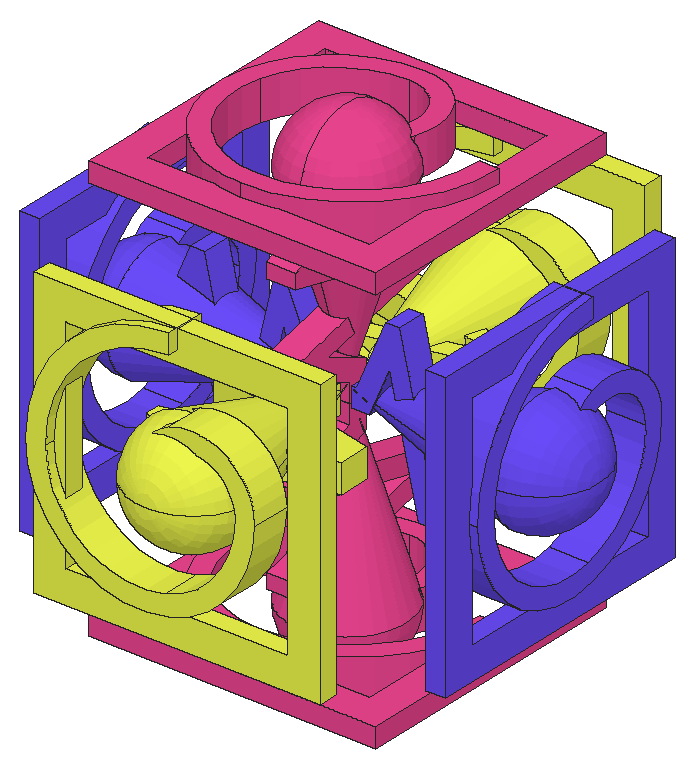
Revit family
Parameters (values of type "M_경계 조건-가변")
  built-in parameter 1140532 [instance] = yes
  built-in parameter 1140531 [instance] = yes
  built-in parameter 1140530 [instance] = yes
  built-in parameter 1140529 [instance] = yes
  built-in parameter 1140528 [instance] = yes
  built-in parameter 1140527 [instance] = yes
  built-in parameter 1140526 [instance] = yes
  built-in parameter 1140525 [instance] = yes
  built-in parameter 1140524 [instance] = yes
  built-in parameter 1140523 [instance] = yes
  built-in parameter 1140522 [instance] = yes
  built-in parameter 1140521 [instance] = yes
Reference planes
  plane 1 "중심(앞/뒤)": y = 0
  plane 2: z = 0
  plane 3 "중심(왼쪽/오른쪽)": x = 0
  plane 4 "Xleft": x = 125.406
  plane 5 "Xright": x = -125.406
  plane 6 "Ztop": z = 125.406
  plane 7 "Zbot": z = -125.406
  plane 8 "PosY": y = 131.756
  plane 9 "음수Y": y = -131.756
  plane 10 "PosX": x = 131.756
  plane 11 "음수X": x = -131.756
  plane 12: z = -50.8
  plane 13: z = 50.8
Forms (mm)
  Revolve 1, solid, material "X 방향", visible <- "built-in parameter 1140523"
    sketch origin (0, 0, 0) x (1, 0, 0) y (0, 1, 0)
      loop
        line (-0.56, 0.323) -> (-125.406, 38.493)
        arc (-125.406, 38.493) -> (-152.625, 27.218) -> (-163.899, 0) r 38.493
        line (-163.899, 0) -> (0, 0) -> (163.899, 0)
        arc (163.899, 0) -> (152.625, 27.218) -> (125.406, 38.493) r 38.493
        line (125.406, 38.493) -> (0.56, 0.323) -> (-0.56, 0.323)
      axis (-163.899, 0) -> (163.899, 0)
    angle from 0 to 360
  Revolve 2, solid, material "Y 방향", visible <- "built-in parameter 1140527"
    sketch origin (0, 0, 0) x (0, 1, 0) y (-1, 0, 0)
      loop
        line (-0.56, 0.323) -> (-125.406, 38.493)
        arc (-125.406, 38.493) -> (-152.625, 27.218) -> (-163.899, 0) r 38.493
        line (-163.899, 0) -> (0, 0) -> (163.899, 0)
        arc (163.899, 0) -> (152.625, 27.218) -> (125.406, 38.493) r 38.493
        line (125.406, 38.493) -> (0.56, 0.323) -> (-0.56, 0.323)
      axis (-163.899, 0) -> (163.899, 0)
    angle from 0 to 360
  Revolve 3, solid, material "Z 방향", visible <- "built-in parameter 1140531"
    sketch origin (0, 0, 0) x (0, 0, -1) y (0, 1, 0)
      loop
        line (-0.56, 0.323) -> (-125.406, 38.493)
        arc (-125.406, 38.493) -> (-152.625, 27.218) -> (-163.899, 0) r 38.493
        line (-163.899, 0) -> (0, 0) -> (163.899, 0)
        arc (163.899, 0) -> (152.625, 27.218) -> (125.406, 38.493) r 38.493
        line (125.406, 38.493) -> (0.56, 0.323) -> (-0.56, 0.323)
      axis (-163.899, 0) -> (163.899, 0)
    angle from 0 to 360
  Sweep 4, solid, material "X 방향", visible <- "built-in parameter 1140521"
    path origin (125.406, 0, -82.526) x (0, 0, 1) y (0, 1, 0)
      loop
        line (0, 93.076) -> (0, -93.076)
    profile origin (125.406, 0, -82.526) x (0, 0, 1) y (-1, 0, 0)
      loop
        line (10.55, 0) -> (-10.55, 0) -> (-10.55, -12.7) -> (10.55, -12.7) -> (10.55, 0)
  Sweep 5, solid, material "X 방향", visible <- "built-in parameter 1140521"
    path origin (125.406, -82.526, 0) x (0, 1, 0) y (0, 0, -1)
      loop
        line (0, 93.076) -> (0, -93.076)
    profile origin (125.406, -82.526, 0) x (0, 1, 0) y (-1, 0, 0)
      loop
        line (10.55, 0) -> (-10.55, 0) -> (-10.55, -12.7) -> (10.55, -12.7) -> (10.55, 0)
  Sweep 6, solid, material "X 방향", visible <- "built-in parameter 1140521"
    path origin (-138.106, 0, -82.526) x (0, 0, 1) y (0, 1, 0)
      loop
        line (0, 93.076) -> (0, -93.076)
    profile origin (-138.106, 0, -82.526) x (0, 0, 1) y (-1, 0, 0)
      loop
        line (10.55, 0) -> (-10.55, 0) -> (-10.55, -12.7) -> (10.55, -12.7) -> (10.55, 0)
  Sweep 7, solid, material "X 방향", visible <- "built-in parameter 1140521"
    path origin (-138.106, -82.526, 0) x (0, 1, 0) y (0, 0, -1)
      loop
        line (0, 93.076) -> (0, -93.076)
    profile origin (-138.106, -82.526, 0) x (0, 1, 0) y (-1, 0, 0)
      loop
        line (10.55, 0) -> (-10.55, 0) -> (-10.55, -12.7) -> (10.55, -12.7) -> (10.55, 0)
  Sweep 8, solid, material "Z 방향", visible <- "built-in parameter 1140529"
    path origin (-82.526, 0, 125.406) x (0, 1, 0) y (-1, 0, 0)
      loop
        line (93.076, 0) -> (-93.076, 0)
    profile origin (-82.526, 0, 125.406) x (1, 0, 0) y (0, 0, 1)
      loop
        line (-10.55, 0) -> (10.55, 0) -> (10.55, 12.7) -> (-10.55, 12.7) -> (-10.55, 0)
  Sweep 9, solid, material "Z 방향", visible <- "built-in parameter 1140529"
    path origin (0, -82.526, 125.406) x (1, 0, 0) y (0, 1, 0)
      loop
        line (93.076, 0) -> (-93.076, 0)
    profile origin (0, -82.526, 125.406) x (0, -1, 0) y (0, 0, 1)
      loop
        line (-10.55, 0) -> (10.55, 0) -> (10.55, 12.7) -> (-10.55, 12.7) -> (-10.55, 0)
  Sweep 10, solid, material "Z 방향", visible <- "built-in parameter 1140529"
    path origin (-82.526, 0, -138.106) x (0, 1, 0) y (-1, 0, 0)
      loop
        line (93.076, 0) -> (-93.076, 0)
    profile origin (-82.526, 0, -138.106) x (1, 0, 0) y (0, 0, 1)
      loop
        line (-10.55, 0) -> (10.55, 0) -> (10.55, 12.7) -> (-10.55, 12.7) -> (-10.55, 0)
  Sweep 11, solid, material "Z 방향", visible <- "built-in parameter 1140529"
    path origin (0, -82.526, -138.106) x (1, 0, 0) y (0, 1, 0)
      loop
        line (93.076, 0) -> (-93.076, 0)
    profile origin (0, -82.526, -138.106) x (0, -1, 0) y (0, 0, 1)
      loop
        line (-10.55, 0) -> (10.55, 0) -> (10.55, 12.7) -> (-10.55, 12.7) -> (-10.55, 0)
  Sweep 12, solid, material "Y 방향", visible <- "built-in parameter 1140525"
    path origin (-82.55, 125.406, 0) x (-1, 0, 0) y (0, 0, -1)
      loop
        line (0, 93.076) -> (0, -93.076)
    profile origin (-82.55, 125.406, 0) x (-1, 0, 0) y (0, -1, 0)
      loop
        line (10.55, 0) -> (-10.55, 0) -> (-10.55, -12.7) -> (10.55, -12.7) -> (10.55, 0)
  Sweep 13, solid, material "Y 방향", visible <- "built-in parameter 1140525"
    path origin (0, 125.406, -82.55) x (0, 0, -1) y (1, 0, 0)
      loop
        line (0, 93.076) -> (0, -93.076)
    profile origin (0, 125.406, -82.55) x (0, 0, -1) y (0, -1, 0)
      loop
        line (10.55, 0) -> (-10.55, 0) -> (-10.55, -12.7) -> (10.55, -12.7) -> (10.55, 0)
  Sweep 14, solid, material "Y 방향", visible <- "built-in parameter 1140525"
    path origin (82.526, -138.106, 0) x (-1, 0, 0) y (0, 0, -1)
      loop
        line (0, 93.076) -> (0, -93.076)
    profile origin (82.526, -138.106, 0) x (-1, 0, 0) y (0, -1, 0)
      loop
        line (10.55, 0) -> (-10.55, 0) -> (-10.55, -12.7) -> (10.55, -12.7) -> (10.55, 0)
  Sweep 15, solid, material "Y 방향", visible <- "built-in parameter 1140525"
    path origin (0, -138.106, -82.526) x (0, 0, -1) y (1, 0, 0)
      loop
        line (0, 93.076) -> (0, -93.076)
    profile origin (0, -138.106, -82.526) x (0, 0, -1) y (0, -1, 0)
      loop
        line (10.55, 0) -> (-10.55, 0) -> (-10.55, -12.7) -> (10.55, -12.7) -> (10.55, 0)
  Sweep 16, solid, material "X 방향", visible <- "built-in parameter 1140521"
    path origin (-138.106, 0, 82.526) x (0, 0, 1) y (0, 1, 0)
      loop
        line (0, 93.076) -> (0, -93.076)
    profile origin (-138.106, 0, 82.526) x (0, 0, 1) y (-1, 0, 0)
      loop
        line (10.55, 0) -> (-10.55, 0) -> (-10.55, -12.7) -> (10.55, -12.7) -> (10.55, 0)
  Sweep 17, solid, material "Y 방향", visible <- "built-in parameter 1140525"
    path origin (0, 125.406, 82.55) x (0, 0, -1) y (1, 0, 0)
      loop
        line (0, 93.076) -> (0, -93.076)
    profile origin (0, 125.406, 82.55) x (0, 0, -1) y (0, -1, 0)
      loop
        line (10.55, 0) -> (-10.55, 0) -> (-10.55, -12.7) -> (10.55, -12.7) -> (10.55, 0)
  Sweep 18, solid, material "Y 방향", visible <- "built-in parameter 1140525"
    path origin (82.55, 125.406, 0) x (-1, 0, 0) y (0, 0, -1)
      loop
        line (0, 93.076) -> (0, -93.076)
    profile origin (82.55, 125.406, 0) x (-1, 0, 0) y (0, -1, 0)
      loop
        line (10.55, 0) -> (-10.55, 0) -> (-10.55, -12.7) -> (10.55, -12.7) -> (10.55, 0)
  Sweep 19, solid, material "Z 방향", visible <- "built-in parameter 1140529"
    path origin (82.526, 0, 125.406) x (0, 1, 0) y (-1, 0, 0)
      loop
        line (93.076, 0) -> (-93.076, 0)
    profile origin (82.526, 0, 125.406) x (1, 0, 0) y (0, 0, 1)
      loop
        line (-10.55, 0) -> (10.55, 0) -> (10.55, 12.7) -> (-10.55, 12.7) -> (-10.55, 0)
  Sweep 20, solid, material "Z 방향", visible <- "built-in parameter 1140529"
    path origin (82.526, 0, -138.106) x (0, 1, 0) y (-1, 0, 0)
      loop
        line (93.076, 0) -> (-93.076, 0)
    profile origin (82.526, 0, -138.106) x (1, 0, 0) y (0, 0, 1)
      loop
        line (-10.55, 0) -> (10.55, 0) -> (10.55, 12.7) -> (-10.55, 12.7) -> (-10.55, 0)
  Sweep 21, solid, material "X 방향", visible <- "built-in parameter 1140521"
    path origin (125.406, 0, 82.526) x (0, 0, 1) y (0, 1, 0)
      loop
        line (0, 93.076) -> (0, -93.076)
    profile origin (125.406, 0, 82.526) x (0, 0, 1) y (-1, 0, 0)
      loop
        line (10.55, 0) -> (-10.55, 0) -> (-10.55, -12.7) -> (10.55, -12.7) -> (10.55, 0)
  Sweep 22, solid, material "Y 방향", visible <- "built-in parameter 1140525"
    path origin (0, -138.106, 82.526) x (0, 0, -1) y (1, 0, 0)
      loop
        line (0, 93.076) -> (0, -93.076)
    profile origin (0, -138.106, 82.526) x (0, 0, -1) y (0, -1, 0)
      loop
        line (10.55, 0) -> (-10.55, 0) -> (-10.55, -12.7) -> (10.55, -12.7) -> (10.55, 0)
  Sweep 23, solid, material "X 방향", visible <- "built-in parameter 1140521"
    path origin (-138.106, 82.526, 0) x (0, 1, 0) y (0, 0, -1)
      loop
        line (0, 93.076) -> (0, -93.076)
    profile origin (-138.106, 82.526, 0) x (0, 1, 0) y (-1, 0, 0)
      loop
        line (10.55, 0) -> (-10.55, 0) -> (-10.55, -12.7) -> (10.55, -12.7) -> (10.55, 0)
  Sweep 24, solid, material "Z 방향", visible <- "built-in parameter 1140529"
    path origin (0, 82.526, 125.406) x (1, 0, 0) y (0, 1, 0)
      loop
        line (93.076, 0) -> (-93.076, 0)
    profile origin (0, 82.526, 125.406) x (0, -1, 0) y (0, 0, 1)
      loop
        line (-10.55, 0) -> (10.55, 0) -> (10.55, 12.7) -> (-10.55, 12.7) -> (-10.55, 0)
  Sweep 25, solid, material "Z 방향", visible <- "built-in parameter 1140529"
    path origin (0, 82.526, -138.106) x (1, 0, 0) y (0, 1, 0)
      loop
        line (93.076, 0) -> (-93.076, 0)
    profile origin (0, 82.526, -138.106) x (0, -1, 0) y (0, 0, 1)
      loop
        line (-10.55, 0) -> (10.55, 0) -> (10.55, 12.7) -> (-10.55, 12.7) -> (-10.55, 0)
  Sweep 26, solid, material "Y 방향", visible <- "built-in parameter 1140525"
    path origin (-82.526, -138.106, 0) x (-1, 0, 0) y (0, 0, -1)
      loop
        line (0, 93.076) -> (0, -93.076)
    profile origin (-82.526, -138.106, 0) x (-1, 0, 0) y (0, -1, 0)
      loop
        line (10.55, 0) -> (-10.55, 0) -> (-10.55, -12.7) -> (10.55, -12.7) -> (10.55, 0)
  Sweep 27, solid, material "X 방향", visible <- "built-in parameter 1140521"
    path origin (125.406, 82.526, 0) x (0, 1, 0) y (0, 0, -1)
      loop
        line (0, 93.076) -> (0, -93.076)
    profile origin (125.406, 82.526, 0) x (0, 1, 0) y (-1, 0, 0)
      loop
        line (10.55, 0) -> (-10.55, 0) -> (-10.55, -12.7) -> (10.55, -12.7) -> (10.55, 0)
  Extrusion 28, solid, material "Y 방향", visible <- "built-in parameter 1140526"
    sketch origin (0, 131.756, 0) x (-1, 0, 0) y (0, 0, 1)
      loop
        line (0, 93.076) -> (0, 80.376)
        arc (0, 80.376) -> (56.835, 56.835) -> (80.376, 0) r 80.376
        arc (80.376, 0) -> (56.433, -48.783) -> (3.195, -59.685) r 61.668
        arc (3.195, -59.685) -> (-30.075, -37.724) -> (-42.959, 0) r 61.668
        arc (-42.959, 0) -> (-30.696, 23.391) -> (-4.482, 26.61) r 28.44
        arc (-4.482, 26.61) -> (5.593, 17.418) -> (6.596, 3.817) r 18.438
        arc (6.596, 3.817) -> (5.105, 1.959) -> (2.751, 1.597) r 3.285
        line (2.751, 1.597) -> (0, -10.801)
        arc (0, -10.801) -> (11.455, -9.039) -> (18.709, 0) r 15.985
        arc (18.709, 0) -> (17.016, 22.97) -> (0, 38.493) r 31.138
        arc (0, 38.493) -> (-37.92, 33.837) -> (-55.659, 0) r 41.14
        arc (-55.659, 0) -> (-40.121, -45.493) -> (0, -71.976) r 74.368
        arc (0, -71.976) -> (64.202, -58.83) -> (93.076, 0) r 74.368
        arc (93.076, 0) -> (65.815, 65.815) -> (0, 93.076) r 93.076
    from -12.7 to 12.7
  Extrusion 29, solid, material "X 방향", visible <- "built-in parameter 1140522"
    sketch origin (131.621, 18.709, 0) x (0, -1, 0) y (0, 0, 1)
      loop
        line (0, 93.076) -> (0, 80.376)
        arc (0, 80.376) -> (56.835, 56.835) -> (80.376, 0) r 80.376
        arc (80.376, 0) -> (56.433, -48.783) -> (3.195, -59.685) r 61.668
        arc (3.195, -59.685) -> (-30.075, -37.724) -> (-42.959, 0) r 61.668
        arc (-42.959, 0) -> (-30.696, 23.391) -> (-4.482, 26.61) r 28.44
        arc (-4.482, 26.61) -> (5.593, 17.418) -> (6.596, 3.817) r 18.438
        arc (6.596, 3.817) -> (5.105, 1.959) -> (2.751, 1.597) r 3.285
        line (2.751, 1.597) -> (0, -10.801)
        arc (0, -10.801) -> (11.455, -9.039) -> (18.709, 0) r 15.985
        arc (18.709, 0) -> (17.016, 22.97) -> (0, 38.493) r 31.138
        arc (0, 38.493) -> (-37.92, 33.837) -> (-55.659, 0) r 41.14
        arc (-55.659, 0) -> (-40.121, -45.493) -> (0, -71.976) r 74.368
        arc (0, -71.976) -> (64.202, -58.83) -> (93.076, 0) r 74.368
        arc (93.076, 0) -> (65.815, 65.815) -> (0, 93.076) r 93.076
    from -12.7 to 12.7
  Extrusion 30, solid, material "X 방향", visible <- "built-in parameter 1140522"
    sketch origin (-131.756, 18.709, 0) x (0, -1, 0) y (0, 0, 1)
      loop
        line (0, 93.076) -> (0, 80.376)
        arc (0, 80.376) -> (56.835, 56.835) -> (80.376, 0) r 80.376
        arc (80.376, 0) -> (56.433, -48.783) -> (3.195, -59.685) r 61.668
        arc (3.195, -59.685) -> (-30.075, -37.724) -> (-42.959, 0) r 61.668
        arc (-42.959, 0) -> (-30.696, 23.391) -> (-4.482, 26.61) r 28.44
        arc (-4.482, 26.61) -> (5.593, 17.418) -> (6.596, 3.817) r 18.438
        arc (6.596, 3.817) -> (5.105, 1.959) -> (2.751, 1.597) r 3.285
        line (2.751, 1.597) -> (0, -10.801)
        arc (0, -10.801) -> (11.455, -9.039) -> (18.709, 0) r 15.985
        arc (18.709, 0) -> (17.016, 22.97) -> (0, 38.493) r 31.138
        arc (0, 38.493) -> (-37.92, 33.837) -> (-55.659, 0) r 41.14
        arc (-55.659, 0) -> (-40.121, -45.493) -> (0, -71.976) r 74.368
        arc (0, -71.976) -> (64.202, -58.83) -> (93.076, 0) r 74.368
        arc (93.076, 0) -> (65.815, 65.815) -> (0, 93.076) r 93.076
    from -12.7 to 12.7
  Extrusion 31, solid, material "Z 방향", visible <- "built-in parameter 1140530"
    sketch origin (-9.49, 18.709, -130.475) x (0, -1, 0) y (1, 0, 0)
      loop
        line (0, 93.076) -> (0, 80.376)
        arc (0, 80.376) -> (56.835, 56.835) -> (80.376, 0) r 80.376
        arc (80.376, 0) -> (56.433, -48.783) -> (3.195, -59.685) r 61.668
        arc (3.195, -59.685) -> (-30.075, -37.724) -> (-42.959, 0) r 61.668
        arc (-42.959, 0) -> (-30.696, 23.391) -> (-4.482, 26.61) r 28.44
        arc (-4.482, 26.61) -> (5.593, 17.418) -> (6.596, 3.817) r 18.438
        arc (6.596, 3.817) -> (5.105, 1.959) -> (2.751, 1.597) r 3.285
        line (2.751, 1.597) -> (0, -10.801)
        arc (0, -10.801) -> (11.455, -9.039) -> (18.709, 0) r 15.985
        arc (18.709, 0) -> (17.016, 22.97) -> (0, 38.493) r 31.138
        arc (0, 38.493) -> (-37.92, 33.837) -> (-55.659, 0) r 41.14
        arc (-55.659, 0) -> (-40.121, -45.493) -> (0, -71.976) r 74.368
        arc (0, -71.976) -> (64.202, -58.83) -> (93.076, 0) r 74.368
        arc (93.076, 0) -> (65.815, 65.815) -> (0, 93.076) r 93.076
    from -12.7 to 12.7
  Extrusion 32, solid, material "Z 방향", visible <- "built-in parameter 1140530"
    sketch origin (-9.49, 18.709, 133.805) x (0, -1, 0) y (1, 0, 0)
      loop
        line (0, 93.076) -> (0, 80.376)
        arc (0, 80.376) -> (56.835, 56.835) -> (80.376, 0) r 80.376
        arc (80.376, 0) -> (56.433, -48.783) -> (3.195, -59.685) r 61.668
        arc (3.195, -59.685) -> (-30.075, -37.724) -> (-42.959, 0) r 61.668
        arc (-42.959, 0) -> (-30.696, 23.391) -> (-4.482, 26.61) r 28.44
        arc (-4.482, 26.61) -> (5.593, 17.418) -> (6.596, 3.817) r 18.438
        arc (6.596, 3.817) -> (5.105, 1.959) -> (2.751, 1.597) r 3.285
        line (2.751, 1.597) -> (0, -10.801)
        arc (0, -10.801) -> (11.455, -9.039) -> (18.709, 0) r 15.985
        arc (18.709, 0) -> (17.016, 22.97) -> (0, 38.493) r 31.138
        arc (0, 38.493) -> (-37.92, 33.837) -> (-55.659, 0) r 41.14
        arc (-55.659, 0) -> (-40.121, -45.493) -> (0, -71.976) r 74.368
        arc (0, -71.976) -> (64.202, -58.83) -> (93.076, 0) r 74.368
        arc (93.076, 0) -> (65.815, 65.815) -> (0, 93.076) r 93.076
    from -12.7 to 12.7
  Extrusion 33, solid, material "X 방향", visible <- "built-in parameter 1140524"
    sketch origin (0, 0, 0) x (-1, 0, 0) y (0, 0, -1)
      loop
        line (0, 6.35) -> (0, -6.35) -> (12.7, -6.35) -> (31.568, -50.8) -> (41.047, -50.8) -> (63.299, 45.585) -> (85.552, -50.8) -> (95.031, -50.8) -> (113.899, -6.35) -> (138.106, -6.35) -> (138.106, 6.35) -> (105.493, 6.35) -> (92.473, -24.323) -> (73.401, 58.285) -> (53.197, 58.285) -> (34.126, -24.323) -> (21.106, 6.35) -> (0, 6.35)
    from -10.066 to 8.524
  Extrusion 34, solid, material "Y 방향", visible <- "built-in parameter 1140526"
    sketch origin (0, -131.756, 0) x (-1, 0, 0) y (0, 0, 1)
      loop
        line (0, 93.076) -> (0, 80.376)
        arc (0, 80.376) -> (56.835, 56.835) -> (80.376, 0) r 80.376
        arc (80.376, 0) -> (56.433, -48.783) -> (3.195, -59.685) r 61.668
        arc (3.195, -59.685) -> (-30.075, -37.724) -> (-42.959, 0) r 61.668
        arc (-42.959, 0) -> (-30.696, 23.391) -> (-4.482, 26.61) r 28.44
        arc (-4.482, 26.61) -> (5.593, 17.418) -> (6.596, 3.817) r 18.438
        arc (6.596, 3.817) -> (5.105, 1.959) -> (2.751, 1.597) r 3.285
        line (2.751, 1.597) -> (0, -10.801)
        arc (0, -10.801) -> (11.455, -9.039) -> (18.709, 0) r 15.985
        arc (18.709, 0) -> (17.016, 22.97) -> (0, 38.493) r 31.138
        arc (0, 38.493) -> (-37.92, 33.837) -> (-55.659, 0) r 41.14
        arc (-55.659, 0) -> (-40.121, -45.493) -> (0, -71.976) r 74.368
        arc (0, -71.976) -> (64.202, -58.83) -> (93.076, 0) r 74.368
        arc (93.076, 0) -> (65.815, 65.815) -> (0, 93.076) r 93.076
    from -12.7 to 12.7
  Extrusion 35, solid, material "X 방향", visible <- "built-in parameter 1140524"
    sketch origin (0, 0, 0) x (1, 0, 0) y (0, 0, 1)
      loop
        line (0, -6.35) -> (21.106, -6.35) -> (34.126, 24.323) -> (53.197, -58.285) -> (73.401, -58.285) -> (92.473, 24.323) -> (105.493, -6.35) -> (138.106, -6.35) -> (138.106, 6.35) -> (113.899, 6.35) -> (95.031, 50.8) -> (85.552, 50.8) -> (63.299, -45.585) -> (41.047, 50.8) -> (31.568, 50.8) -> (12.7, 6.35) -> (0, 6.35) -> (0, -6.35)
    from -10.066 to 8.524
  Extrusion 36, solid, material "Z 방향", visible <- "built-in parameter 1140532"
    sketch origin (-0.771, -2.971, -3.743) x (0, 0, 1) y (0, 1, 0)
      loop
        line (0, 6.35) -> (0, -6.35) -> (12.7, -6.35) -> (31.568, -50.8) -> (41.047, -50.8) -> (63.299, 45.585) -> (85.552, -50.8) -> (95.031, -50.8) -> (113.899, -6.35) -> (138.106, -6.35) -> (138.106, 6.35) -> (105.493, 6.35) -> (92.473, -24.323) -> (73.401, 58.285) -> (53.197, 58.285) -> (34.126, -24.323) -> (21.106, 6.35) -> (0, 6.35)
    from -10.066 to 8.524
  Extrusion 37, solid, material "Z 방향", visible <- "built-in parameter 1140532"
    sketch origin (-0.771, -2.971, -3.743) x (0, 0, -1) y (0, -1, 0)
      loop
        line (0, -6.35) -> (21.106, -6.35) -> (34.126, 24.323) -> (53.197, -58.285) -> (73.401, -58.285) -> (92.473, 24.323) -> (105.493, -6.35) -> (138.106, -6.35) -> (138.106, 6.35) -> (113.899, 6.35) -> (95.031, 50.8) -> (85.552, 50.8) -> (63.299, -45.585) -> (41.047, 50.8) -> (31.568, 50.8) -> (12.7, 6.35) -> (0, 6.35) -> (0, -6.35)
    from -10.066 to 8.524
  Extrusion 38, solid, material "Y 방향", visible <- "built-in parameter 1140528"
    sketch origin (-3.743, 0.771, -2.971) x (0, -1, 0) y (1, 0, 0)
      loop
        line (0, 6.35) -> (0, -6.35) -> (12.7, -6.35) -> (31.568, -50.8) -> (41.047, -50.8) -> (63.299, 45.585) -> (85.552, -50.8) -> (95.031, -50.8) -> (113.899, -6.35) -> (138.106, -6.35) -> (138.106, 6.35) -> (105.493, 6.35) -> (92.473, -24.323) -> (73.401, 58.285) -> (53.197, 58.285) -> (34.126, -24.323) -> (21.106, 6.35) -> (0, 6.35)
    from -10.066 to 8.524
  Extrusion 39, solid, material "Y 방향", visible <- "built-in parameter 1140528"
    sketch origin (-3.743, 0.771, -2.971) x (0, 1, 0) y (-1, 0, 0)
      loop
        line (0, -6.35) -> (21.106, -6.35) -> (34.126, 24.323) -> (53.197, -58.285) -> (73.401, -58.285) -> (92.473, 24.323) -> (105.493, -6.35) -> (138.106, -6.35) -> (138.106, 6.35) -> (113.899, 6.35) -> (95.031, 50.8) -> (85.552, 50.8) -> (63.299, -45.585) -> (41.047, 50.8) -> (31.568, 50.8) -> (12.7, 6.35) -> (0, 6.35) -> (0, -6.35)
    from -10.066 to 8.524
Cuts and joins
  joined: Sweep 12, Sweep 13, Sweep 17, Sweep 18
  joined: Sweep 14, Sweep 15, Sweep 22, Sweep 26
  joined: Sweep 6, Sweep 7, Sweep 16, Sweep 23
  joined: Sweep 8, Sweep 9, Sweep 10, Sweep 11, Sweep 19, Sweep 20, Sweep 24, Sweep 25
  joined: Sweep 4, Sweep 5, Sweep 21, Sweep 27
Lines and regions (mm)
  model lines
    curve 1: line (-131.756, 0, 0) -> (131.756, 0, 0)
    curve 2: line (0, 0, -138.106) -> (0, 0, 128.594)
    curve 3: line (0, 131.756, 0) -> (0, -131.756, 0)
Dimensions and locks
  Sweep 4 sketch curve to Sweep 4 sketch curve to level = 21.1 mm, 71.976 mm
  Sweep 5 sketch curve to Sweep 5 sketch curve = 21.1 mm
  Sweep 6 sketch curve to Sweep 6 sketch curve = 21.1 mm
  Sweep 7 sketch curve to Sweep 7 sketch curve = 21.1 mm
  Sweep 8 sketch curve to Sweep 8 sketch curve = 21.1 mm
  Sweep 9 sketch curve to Sweep 9 sketch curve = 21.1 mm
  Sweep 10 sketch curve to Sweep 10 sketch curve = 21.1 mm
  Sweep 11 sketch curve to Sweep 11 sketch curve = 21.1 mm
  Sweep 12 sketch curve to Sweep 12 sketch curve = 21.1 mm
  Sweep 13 sketch curve to Sweep 13 sketch curve = 21.1 mm
  Sweep 14 sketch curve to Sweep 14 sketch curve = 21.1 mm
  Sweep 15 sketch curve to Sweep 15 sketch curve = 21.1 mm
  Sweep 16 sketch curve to Sweep 16 sketch curve = 21.1 mm
  Sweep 17 sketch curve to Sweep 17 sketch curve = 21.1 mm
  Sweep 18 sketch curve to Sweep 18 sketch curve = 21.1 mm
  Sweep 19 sketch curve to Sweep 19 sketch curve = 21.1 mm
  Sweep 20 sketch curve to Sweep 20 sketch curve = 21.1 mm
  Sweep 21 sketch curve to Sweep 21 sketch curve = 21.1 mm
  Sweep 22 sketch curve to Sweep 22 sketch curve = 21.1 mm
  Sweep 23 sketch curve to Sweep 23 sketch curve = 21.1 mm
  Sweep 24 sketch curve to Sweep 24 sketch curve = 21.1 mm
  Sweep 25 sketch curve to Sweep 25 sketch curve = 21.1 mm
  Sweep 26 sketch curve to Sweep 26 sketch curve = 21.1 mm
  Sweep 27 sketch curve to Sweep 27 sketch curve = 21.1 mm
  plane 12 to plane 2 = 50.8 mm
  plane 2 to plane 13 = 50.8 mm
